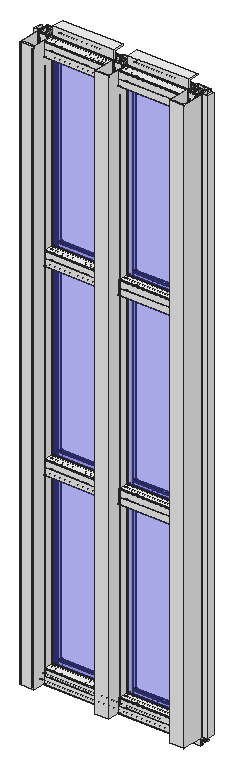
Revit family "Facade_60_Curtain_Wall_E23_Standard", category Windows, host Wall, Revit 2014 (continued)
Definition of nested family "F60_Double_Glazing_E23_Std"
  Forms (mm)
    Extrusion 1, solid, material "Glass" <- "Glazing Material"
      from 0 to 4 <- "Glazing Thickness DG"
    Extrusion 2, solid, material <- "Double Glazing Gasket Material"
      sketch origin (0, -4, 0) x (1, 0, 0) y (0, 0, 1)
        loop
          line (-600, 600) -> (-600, 0) -> (0, 0) -> (0, 600) -> (-600, 600)
        loop
          line (-592, 8) -> (-8, 8) -> (-8, 592) -> (-592, 592) -> (-592, 8)
      from 0 to 12 <- "Double Glazing Gasket Thickness"
    Extrusion 3, solid, material "Glass" <- "Glazing Material"
      sketch origin (0, -16, 0) x (1, 0, 0) y (0, 0, 1)
        loop
          line (-600, 600) -> (-600, 0) -> (0, 0) -> (0, 600) -> (-600, 600)
      from 0 to 4 <- "Glazing Thickness DG"
  Dimensions and locks
    "Glazing Width": plane 3 "Center (Left/Right)" to Extrusion 1 sketch curve
    "Glazing Height": Extrusion 1 sketch curve to level
    aligned and locked: level to plane 2
    aligned and locked: Extrusion 1 sketch curve to plane 3 "Center (Left/Right)"
    aligned and locked: level to Extrusion 1 sketch curve
    aligned and locked: Extrusion 2 sketch curve to Extrusion 1  (x4)
    aligned and locked: Extrusion 3 sketch curve to Extrusion 2  (x4)
  Automatic sketch dimensions
    Extrusion 2 sketch curve to Extrusion 1 = 8 mm  (x4)
Definition of nested family "F60 Vertical Profile Middle_E23_Std"
  Parameters (values of type "F60 Vertical Profile Middle")
    Quarter SG Expansion Break [instance] = if(and(Quarter Expansion Break, Single Glazing), 1 = 1, 1 = 0)  # yes
    Quarter Length [instance] = Length / 4  # 62.5 mm
    Thermal Break Material [instance] = none
    Single Glazing [instance] = yes
    Quarter Expansion Break [instance] = yes
    Quarter DG Expansion Break [instance] = if(and(Quarter Expansion Break, Double Glazing), 1 = 1, 1 = 0)  # yes
    Quarter 190mm Expansion Break [instance] = if(and(Quarter Expansion Break, [190mm Mullion]), 1 = 1, 1 = 0)  # yes
    Quarter 160mm Expansion Break [instance] = if(and(Quarter Expansion Break, [160mm Mullion]), 1 = 1, 1 = 0)  # yes
    Quarter 100mm Expansion Break [instance] = if(and(Quarter Expansion Break, [100mm Mullion]), 1 = 1, 1 = 0)  # yes
    Profile Material [instance] = none
    Length [instance] = 250 mm
    Half SG Expansion Break [instance] = if(and(Half Expansion Break, Single Glazing), 1 = 1, 1 = 0)  # yes
    Half Length [instance] = Length / 2  # 125 mm
    Half Expansion Break [instance] = yes
    Half DG Expansion Break [instance] = if(and(Half Expansion Break, Double Glazing), 1 = 1, 1 = 0)  # yes
    Half 190mm Expansion Joint [instance] = if(and(Half Expansion Break, [190mm Mullion]), 1 = 1, 1 = 0)  # yes
    Half 160mm Expansion Break [instance] = if(and(Half Expansion Break, [160mm Mullion]), 1 = 1, 1 = 0)  # yes
    Half 100mm Expansion Break [instance] = if(and(Half Expansion Break, [100mm Mullion]), 1 = 1, 1 = 0)  # yes
    Double Glazing [instance] = yes
    190mm Mullion [instance] = yes
    160mm Mullion [instance] = yes
    100mm Mullion [instance] = yes
  Reference planes
    plane 1 "Center (Front/Back)": y = 0
    plane 2: z = 0
    plane 3 "Center (Left/Right)": x = 0
  Forms (mm)
    Extrusion 1, solid, material <- "Profile Material"
      sketch origin (0, 0, 0) x (1, 0, 0) y (0, 1, 0)
        loop
          arc (25.249, -8.7) -> (25.484, -9.266) -> (26.049, -9.5) r 0.8
          line (26.049, -9.5) -> (27.1, -9.5) -> (27.1, 7) -> (32.902, 7) -> (32.902, -9.5) -> (33.951, -9.5)
          arc (33.951, -9.5) -> (34.516, -9.266) -> (34.751, -8.7) r 0.8
          line (34.751, -8.7) -> (34.751, 6.2)
          arc (34.751, 6.2) -> (34.985, 6.766) -> (35.551, 7) r 0.8
          line (35.551, 7) -> (52.1, 7) -> (52.1, 5.4) -> (50.55, 5.4) -> (50.55, 4.55)
          arc (50.55, 4.55) -> (50.726, 4.126) -> (51.15, 3.95) r 0.6
          line (51.15, 3.95) -> (52.1, 3.95) -> (52.1, 1)
          arc (52.1, 1) -> (51.6, 0.5) -> (52.1, 0) r 0.5
          line (52.1, 0) -> (54.45, 0) -> (54.45, 1.15) -> (53.3, 1.15) -> (53.3, 2.45) -> (58.8, 2.45) -> (58.8, 1.15) -> (57.65, 1.15) -> (57.65, 0) -> (59.5, 0)
          arc (59.5, 0) -> (59.854, 0.146) -> (60, 0.5) r 0.5
          line (60, 0.5) -> (60, 3.9) -> (53.55, 3.9) -> (53.55, 7.6)
          arc (53.55, 7.6) -> (53.316, 8.166) -> (52.75, 8.4) r 0.8
          line (52.75, 8.4) -> (30, 8.4) -> (7.25, 8.4)
          arc (7.25, 8.4) -> (6.684, 8.166) -> (6.45, 7.6) r 0.8
          line (6.45, 7.6) -> (6.45, 3.9) -> (0, 3.9) -> (0, 0.5)
          arc (0, 0.5) -> (0.146, 0.146) -> (0.5, 0) r 0.5
          line (0.5, 0) -> (2.35, 0) -> (2.35, 1.15) -> (1.2, 1.15) -> (1.2, 2.45) -> (6.7, 2.45) -> (6.7, 1.15) -> (5.55, 1.15) -> (5.55, 0) -> (7.9, 0)
          arc (7.9, 0) -> (8.4, 0.5) -> (7.9, 1) r 0.5
          line (7.9, 1) -> (7.9, 3.95) -> (8.85, 3.95)
          arc (8.85, 3.95) -> (9.274, 4.126) -> (9.45, 4.55) r 0.6
          line (9.45, 4.55) -> (9.45, 5.4) -> (7.9, 5.4) -> (7.9, 7) -> (24.449, 7)
          arc (24.449, 7) -> (25.015, 6.766) -> (25.249, 6.2) r 0.8
          line (25.249, 6.2) -> (25.249, -8.7)
      from 0 to 250 <- "Length"
    Extrusion 2, solid, material <- "Thermal Break Material"
      sketch origin (0, 0, 0) x (1, 0, 0) y (0, 1, 0)
        loop
          line (1.75, 9.8) -> (1.75, 5.2) -> (0, 5.2) -> (0, 3.9) -> (6.35, 3.9) -> (6.35, 7.856)
          arc (6.35, 7.856) -> (6.526, 8.281) -> (6.95, 8.456) r 0.6
          line (6.95, 8.456) -> (30, 8.456) -> (53.05, 8.456)
          arc (53.05, 8.456) -> (53.474, 8.281) -> (53.65, 7.856) r 0.6
          line (53.65, 7.856) -> (53.65, 3.9) -> (60, 3.9) -> (60, 5.2) -> (58.25, 5.2) -> (58.25, 9.8) -> (30, 9.8) -> (1.75, 9.8)
      from 0 to 250 <- "Length"
    Extrusion 3, solid, material <- "Thermal Break Material", visible <- "Single Glazing"
      sketch origin (0, 0, 0) x (1, 0, 0) y (0, 1, 0)
        loop
          line (25.749, -14.011) -> (27.672, -14.011) -> (28.481, -12.611) -> (31.518, -12.611) -> (32.327, -14.011) -> (34.249, -14.011)
          arc (34.249, -14.011) -> (34.603, -13.864) -> (34.749, -13.511) r 0.5
          line (34.749, -13.511) -> (34.749, -10.011)
          arc (34.749, -10.011) -> (34.603, -9.657) -> (34.249, -9.511) r 0.5
          line (34.249, -9.511) -> (32.352, -9.511) -> (32.352, 0.19) -> (31.349, 2.261)
          arc (31.349, 2.261) -> (29.999, 2.986) -> (28.649, 2.261) r 1.62
          line (28.649, 2.261) -> (27.647, 0.19) -> (27.647, -9.511) -> (25.749, -9.511)
          arc (25.749, -9.511) -> (25.396, -9.657) -> (25.249, -10.011) r 0.5
          line (25.249, -10.011) -> (25.249, -13.511)
          arc (25.249, -13.511) -> (25.396, -13.864) -> (25.749, -14.011) r 0.5
        loop
          line (28.504, -10.005) -> (28.504, -10.861)
          arc (28.504, -10.861) -> (28.651, -11.214) -> (29.004, -11.361) r 0.5
          line (29.004, -11.361) -> (30.994, -11.361)
          arc (30.994, -11.361) -> (31.348, -11.214) -> (31.494, -10.861) r 0.5
          line (31.494, -10.861) -> (31.494, -10.005) -> (30.708, -9.219)
          arc (30.708, -9.219) -> (30.383, -9.001) -> (29.999, -8.924) r 1.007
          arc (29.999, -8.924) -> (29.616, -8.999) -> (29.292, -9.217) r 0.986
          line (29.292, -9.217) -> (28.504, -10.005)
        loop
          arc (30.896, 1.935) -> (29.887, 2.44) -> (29.005, 1.735) r 1.047
          line (29.005, 1.735) -> (28.347, 0.374) -> (28.347, -6.993)
          arc (28.347, -6.993) -> (28.583, -7.417) -> (29.068, -7.441) r 0.5
          arc (29.068, -7.441) -> (29.999, -7.223) -> (30.93, -7.441) r 2.099
          arc (30.93, -7.441) -> (31.416, -7.417) -> (31.652, -6.993) r 0.5
          line (31.652, -6.993) -> (31.652, 0.374) -> (30.896, 1.935)
      from 0 to 250 <- "Length"
    Extrusion 4, solid, material <- "Profile Material", visible <- "Single Glazing"
      sketch origin (0, 0, 0) x (1, 0, 0) y (0, 1, 0)
        loop
          line (52.693, -14.011) -> (32.327, -14.011) -> (31.519, -12.611) -> (28.481, -12.611) -> (27.673, -14.011) -> (7.307, -14.011) -> (7.307, -15.011) -> (8.457, -15.011) -> (8.457, -16.261) -> (2.957, -16.261) -> (2.957, -15.011) -> (4.107, -15.011) -> (4.107, -14.011) -> (1.707, -14.011)
          arc (1.707, -14.011) -> (1.199, -14.293) -> (1.168, -14.873) r 0.6
          line (1.168, -14.873) -> (2.093, -16.772) -> (1.015, -17.298) -> (1.484, -18.261) -> (11.488, -18.261)
          arc (11.488, -18.261) -> (11.913, -18.085) -> (12.088, -17.661) r 0.6
          line (12.088, -17.661) -> (12.088, -16.811) -> (47.912, -16.811) -> (47.912, -17.661)
          arc (47.912, -17.661) -> (48.088, -18.085) -> (48.512, -18.261) r 0.6
          line (48.512, -18.261) -> (58.518, -18.261) -> (58.987, -17.298) -> (57.908, -16.772) -> (58.834, -14.874)
          arc (58.834, -14.874) -> (58.802, -14.293) -> (58.293, -14.011) r 0.6
          line (58.293, -14.011) -> (55.893, -14.011) -> (55.893, -15.011) -> (57.043, -15.011) -> (57.043, -16.261) -> (51.543, -16.261) -> (51.543, -15.011) -> (52.693, -15.011) -> (52.693, -14.011)
      from 0 to 250 <- "Length"
    Extrusion 5, solid, material <- "Profile Material", visible <- "Single Glazing"
      sketch origin (0, 0, 0) x (1, 0, 0) y (0, 1, 0)
        loop
          line (2.801, -18.261) -> (1.484, -18.261) -> (1.015, -17.298) -> (2.093, -16.772) -> (0.779, -14.076)
          arc (0.779, -14.076) -> (0.239, -14.21) -> (0.001, -14.713) r 0.65
          line (0.001, -14.713) -> (0.001, -28.068)
          arc (0.001, -28.068) -> (1.172, -30.897) -> (4.001, -32.068) r 4
          line (4.001, -32.068) -> (30.001, -32.068) -> (56.001, -32.068)
          arc (56.001, -32.068) -> (58.829, -30.897) -> (60.001, -28.068) r 4
          line (60.001, -28.068) -> (60.001, -14.713)
          arc (60.001, -14.713) -> (59.763, -14.21) -> (59.223, -14.076) r 0.65
          line (59.223, -14.076) -> (57.908, -16.772) -> (58.987, -17.298) -> (58.518, -18.261) -> (57.201, -18.261)
          arc (57.201, -18.261) -> (56.83, -18.425) -> (56.703, -18.811) r 0.5
          arc (56.703, -18.811) -> (56.83, -19.196) -> (57.201, -19.361) r 0.5
          line (57.201, -19.361) -> (58.951, -19.361) -> (58.951, -27.968)
          arc (58.951, -27.968) -> (58.131, -29.948) -> (56.151, -30.768) r 2.8
          line (56.151, -30.768) -> (30.001, -30.768) -> (3.851, -30.768)
          arc (3.851, -30.768) -> (1.871, -29.948) -> (1.051, -27.968) r 2.8
          line (1.051, -27.968) -> (1.051, -19.361) -> (2.801, -19.361)
          arc (2.801, -19.361) -> (3.172, -19.196) -> (3.298, -18.811) r 0.5
          arc (3.298, -18.811) -> (3.172, -18.425) -> (2.801, -18.261) r 0.5
      from 0 to 250 <- "Length"
    Extrusion 6, solid, material <- "Profile Material", visible <- "100mm Mullion"
      sketch origin (0, 0, 0) x (1, 0, 0) y (0, 1, 0)
        loop
          line (14.02, 13) -> (45.98, 13)
          arc (45.98, 13) -> (46.539, 12.842) -> (46.917, 12.4) r 1
          arc (46.917, 12.4) -> (47.285, 11.963) -> (47.833, 11.8) r 1
          line (47.833, 11.8) -> (58.15, 11.8) -> (58.15, 96.3) -> (47.833, 96.3)
          arc (47.833, 96.3) -> (47.285, 96.137) -> (46.917, 95.7) r 1
          arc (46.917, 95.7) -> (46.548, 95.263) -> (46, 95.1) r 1
          line (46, 95.1) -> (14, 95.1)
          arc (14, 95.1) -> (13.452, 95.263) -> (13.083, 95.7) r 1
          arc (13.083, 95.7) -> (12.715, 96.137) -> (12.167, 96.3) r 1
          line (12.167, 96.3) -> (1.85, 96.3) -> (1.85, 11.8) -> (12.167, 11.8)
          arc (12.167, 11.8) -> (12.715, 11.963) -> (13.083, 12.4) r 1
          arc (13.083, 12.4) -> (13.461, 12.842) -> (14.02, 13) r 1
        loop
          line (1.65, 9.856) -> (58.35, 9.856) -> (58.35, 5.2) -> (60, 5.2) -> (60, 98.8)
          arc (60, 98.8) -> (59.707, 99.507) -> (59, 99.8) r 1
          line (59, 99.8) -> (1, 99.8)
          arc (1, 99.8) -> (0.293, 99.507) -> (0, 98.8) r 1
          line (0, 98.8) -> (0, 5.2) -> (1.65, 5.2) -> (1.65, 9.856)
      from 0 to 250 <- "Length"
    Extrusion 7, solid, material <- "Profile Material", visible <- "160mm Mullion"
      sketch origin (0, 0, 0) x (1, 0, 0) y (0, 1, 0)
        loop
          arc (2.35, 15.6) -> (2.526, 15.176) -> (2.95, 15) r 0.6
          line (2.95, 15) -> (57.05, 15)
          arc (57.05, 15) -> (57.474, 15.176) -> (57.65, 15.6) r 0.6
          line (57.65, 15.6) -> (57.65, 153.7)
          arc (57.65, 153.7) -> (57.474, 154.124) -> (57.05, 154.3) r 0.6
          line (57.05, 154.3) -> (47.833, 154.3)
          arc (47.833, 154.3) -> (47.285, 154.137) -> (46.917, 153.7) r 1
          arc (46.917, 153.7) -> (46.548, 153.263) -> (46, 153.1) r 1
          line (46, 153.1) -> (14, 153.1)
          arc (14, 153.1) -> (13.452, 153.263) -> (13.083, 153.7) r 1
          arc (13.083, 153.7) -> (12.715, 154.137) -> (12.167, 154.3) r 1
          line (12.167, 154.3) -> (2.95, 154.3)
          arc (2.95, 154.3) -> (2.526, 154.124) -> (2.35, 153.7) r 0.6
          line (2.35, 153.7) -> (2.35, 15.6)
        loop
          arc (1, 159.8) -> (0.293, 159.507) -> (0, 158.8) r 1
          line (0, 158.8) -> (0, 5.2) -> (1.65, 5.2) -> (1.65, 10.013) -> (58.35, 10.013) -> (58.35, 5.2) -> (60, 5.2) -> (60, 158.8)
          arc (60, 158.8) -> (59.707, 159.507) -> (59, 159.8) r 1
          line (59, 159.8) -> (1, 159.8)
      from 0 to 250 <- "Length"
    Extrusion 8, solid, material <- "Profile Material", visible <- "190mm Mullion"
      sketch origin (0, 0, 0) x (1, 0, 0) y (0, 1, 0)
        loop
          line (57.25, 15.1) -> (57.25, 178.3)
          arc (57.25, 178.3) -> (56.957, 179.007) -> (56.25, 179.3) r 1
          line (56.25, 179.3) -> (3.75, 179.3)
          arc (3.75, 179.3) -> (3.043, 179.007) -> (2.75, 178.3) r 1
          line (2.75, 178.3) -> (2.75, 15.1)
          arc (2.75, 15.1) -> (2.984, 14.534) -> (3.55, 14.3) r 0.8
          line (3.55, 14.3) -> (56.45, 14.3)
          arc (56.45, 14.3) -> (57.016, 14.534) -> (57.25, 15.1) r 0.8
        loop
          line (60, 5.2) -> (60, 188.8)
          arc (60, 188.8) -> (59.707, 189.507) -> (59, 189.8) r 1
          line (59, 189.8) -> (1, 189.8)
          arc (1, 189.8) -> (0.293, 189.507) -> (0, 188.8) r 1
          line (0, 188.8) -> (0, 5.2) -> (1.65, 5.2) -> (1.65, 9.856) -> (58.35, 9.856) -> (58.35, 5.2) -> (60, 5.2)
      from 0 to 250 <- "Length"
    Extrusion 9, solid, material <- "Thermal Break Material", visible <- "Double Glazing"
      sketch origin (0, 0, 0) x (1, 0, 0) y (0, 1, 0)
        loop
          line (27.672, -28) -> (28.48, -26.6) -> (31.518, -26.6) -> (32.326, -28) -> (34.249, -28)
          arc (34.249, -28) -> (34.603, -27.854) -> (34.749, -27.5) r 0.5
          line (34.749, -27.5) -> (34.749, -10)
          arc (34.749, -10) -> (34.603, -9.646) -> (34.249, -9.5) r 0.5
          line (34.249, -9.5) -> (32.352, -9.5) -> (32.352, 0.198) -> (31.348, 2.272)
          arc (31.348, 2.272) -> (29.998, 2.997) -> (28.648, 2.272) r 1.62
          line (28.648, 2.272) -> (27.645, 0.201) -> (27.645, -9.5) -> (25.749, -9.5)
          arc (25.749, -9.5) -> (25.396, -9.646) -> (25.249, -10) r 0.5
          line (25.249, -10) -> (25.249, -27.5)
          arc (25.249, -27.5) -> (25.396, -27.854) -> (25.749, -28) r 0.5
          line (25.749, -28) -> (27.672, -28)
        loop
          arc (30.706, -9.206) -> (30.382, -8.99) -> (29.999, -8.913) r 1.007
          arc (29.999, -8.913) -> (29.616, -8.988) -> (29.292, -9.206) r 0.986
          line (29.292, -9.206) -> (27.142, -11.356)
          arc (27.142, -11.356) -> (26.926, -11.68) -> (26.849, -12.063) r 1
          line (26.849, -12.063) -> (26.849, -24)
          arc (26.849, -24) -> (27.142, -24.707) -> (27.849, -25) r 1
          line (27.849, -25) -> (32.149, -25)
          arc (32.149, -25) -> (32.856, -24.707) -> (33.149, -24) r 1
          line (33.149, -24) -> (33.149, -12.063)
          arc (33.149, -12.063) -> (33.073, -11.68) -> (32.856, -11.356) r 1
          line (32.856, -11.356) -> (30.706, -9.206)
        loop
          arc (28.345, -6.982) -> (28.581, -7.407) -> (29.067, -7.43) r 0.5
          arc (29.067, -7.43) -> (29.998, -7.213) -> (30.929, -7.43) r 2.099
          arc (30.929, -7.43) -> (31.414, -7.407) -> (31.651, -6.982) r 0.5
          line (31.651, -6.982) -> (31.651, 0.385) -> (30.895, 1.946)
          arc (30.895, 1.946) -> (29.885, 2.45) -> (29.004, 1.745) r 1.047
          line (29.004, 1.745) -> (28.345, 0.385) -> (28.345, -6.982)
      from 0 to 250 <- "Length"
    Extrusion 10, solid, material <- "Profile Material", visible <- "Double Glazing"
      sketch origin (0, 0, 0) x (1, 0, 0) y (0, 1, 0)
        loop
          line (52.692, -28) -> (32.327, -28) -> (31.518, -26.6) -> (28.48, -26.6) -> (27.672, -28) -> (7.306, -28) -> (7.306, -29) -> (8.456, -29) -> (8.456, -30.25) -> (2.956, -30.25) -> (2.956, -29) -> (4.106, -29) -> (4.106, -28) -> (1.706, -28)
          arc (1.706, -28) -> (1.198, -28.282) -> (1.167, -28.863) r 0.6
          line (1.167, -28.863) -> (2.093, -30.762) -> (1.014, -31.288) -> (1.483, -32.25) -> (11.488, -32.25)
          arc (11.488, -32.25) -> (11.912, -32.074) -> (12.088, -31.65) r 0.6
          line (12.088, -31.65) -> (12.088, -30.8) -> (47.911, -30.8) -> (47.911, -31.65)
          arc (47.911, -31.65) -> (48.087, -32.074) -> (48.511, -32.25) r 0.6
          line (48.511, -32.25) -> (58.517, -32.25) -> (58.986, -31.288) -> (57.907, -30.762) -> (58.833, -28.864)
          arc (58.833, -28.864) -> (58.801, -28.282) -> (58.292, -28) r 0.6
          line (58.292, -28) -> (55.892, -28) -> (55.892, -29) -> (57.042, -29) -> (57.042, -30.25) -> (51.542, -30.25) -> (51.542, -29) -> (52.692, -29) -> (52.692, -28)
      from 0 to 250 <- "Length"
    Extrusion 11, solid, material <- "Profile Material", visible <- "Double Glazing"
      sketch origin (0, 0, 0) x (1, 0, 0) y (0, 1, 0)
        loop
          line (2.8, -32.25) -> (1.483, -32.25) -> (1.014, -31.288) -> (2.093, -30.762) -> (0.778, -28.065)
          arc (0.778, -28.065) -> (0.238, -28.2) -> (0, -28.702) r 0.65
          line (0, -28.702) -> (0, -42.058)
          arc (0, -42.058) -> (1.172, -44.886) -> (4, -46.058) r 4
          line (4, -46.058) -> (30, -46.058) -> (56, -46.058)
          arc (56, -46.058) -> (58.828, -44.886) -> (60, -42.058) r 4
          line (60, -42.058) -> (60, -28.702)
          arc (60, -28.702) -> (59.762, -28.2) -> (59.222, -28.065) r 0.65
          line (59.222, -28.065) -> (57.907, -30.762) -> (58.986, -31.288) -> (58.517, -32.25) -> (57.2, -32.25)
          arc (57.2, -32.25) -> (56.829, -32.415) -> (56.703, -32.8) r 0.5
          arc (56.703, -32.8) -> (56.829, -33.185) -> (57.2, -33.35) r 0.5
          line (57.2, -33.35) -> (58.95, -33.35) -> (58.95, -41.958)
          arc (58.95, -41.958) -> (58.13, -43.938) -> (56.15, -44.758) r 2.8
          line (56.15, -44.758) -> (30, -44.758) -> (3.85, -44.758)
          arc (3.85, -44.758) -> (1.87, -43.938) -> (1.05, -41.958) r 2.8
          line (1.05, -41.958) -> (1.05, -33.35) -> (2.8, -33.35)
          arc (2.8, -33.35) -> (3.171, -33.185) -> (3.297, -32.8) r 0.5
          arc (3.297, -32.8) -> (3.171, -32.415) -> (2.8, -32.25) r 0.5
      from 0 to 250 <- "Length"
    Extrusion 12, solid, material <- "Profile Material", visible <- "Double Glazing"
      sketch origin (0, 0, 0) x (1, 0, 0) y (0, 1, 0)
        loop
          line (12, -7.775) -> (0, -7.775) -> (0, -25.775) -> (12, -25.775) -> (12, -7.775)
        loop
          line (10.8, -8.975) -> (1.2, -8.975) -> (1.2, -24.575) -> (10.8, -24.575) -> (10.8, -8.975)
      from 0 to 250 <- "Length"
  Lines and regions (mm)
    model lines, style "GenericModelHiddenLines", visible <- "Half 100mm Expansion Break"
      curve 1: line (60, 5.2, 125) -> (60, 95.2, 125)
      curve 2: line (60, 99.8, 125) -> (0, 99.8, 125)
      curve 8: line (0, 5.2, 125) -> (0, 95.2, 125)
    model lines, style "GenericModelHiddenLines", visible <- "Quarter 100mm Expansion Break"
      curve 3: line (60, 5.2, 187.5) -> (60, 95.2, 187.5)
      curve 4: line (60, 5.2, 62.5) -> (60, 95.2, 62.5)
      curve 5: line (60, 99.8, 62.5) -> (0, 99.8, 62.5)
      curve 6: line (60, 99.8, 187.5) -> (0, 99.8, 187.5)
      curve 7: line (0, 5.2, 187.5) -> (0, 95.2, 187.5)
      curve 9: line (0, 5.2, 62.5) -> (0, 95.2, 62.5)
    model lines, style "GenericModelHiddenLines", visible <- "Half SG Expansion Break"
      curve 10: line (4.107, -32.068, 125) -> (55.893, -32.068, 125)
      curve 14: line (60.001, -14.011, 125) -> (60.001, -32.068, 125)
    model lines, style "GenericModelHiddenLines", visible <- "Quarter SG Expansion Break"
      curve 11: line (4.107, -32.068, 187.5) -> (56.703, -32.068, 187.5)
      curve 12: line (4.107, -32.068, 62.5) -> (56.703, -32.068, 62.5)
      curve 13: line (60.001, -14.011, 187.5) -> (60.001, -32.068, 187.5)
      curve 15: line (60.001, -14.011, 62.5) -> (60.001, -32.068, 62.5)
    model lines, style "GenericModelHiddenLines", visible <- "Quarter 160mm Expansion Break"
      curve 16: line (0, 5.2, 187.5) -> (0, 155.2, 187.5)
      curve 18: line (0, 5.2, 62.5) -> (0, 155.2, 62.5)
      curve 19: line (0, 159.8, 187.5) -> (60, 159.8, 187.5)
      curve 21: line (0, 159.8, 62.5) -> (60, 159.8, 62.5)
      curve 22: line (60, 5.2, 187.5) -> (60, 155.2, 187.5)
      curve 24: line (60, 5.2, 62.5) -> (60, 155.2, 62.5)
    model lines, style "GenericModelHiddenLines", visible <- "Half 160mm Expansion Break"
      curve 17: line (0, 5.2, 125) -> (0, 155.2, 125)
      curve 20: line (0, 159.8, 125) -> (60, 159.8, 125)
      curve 23: line (60, 5.2, 125) -> (60, 155.2, 125)
    model lines, style "GenericModelHiddenLines", visible <- "Quarter 190mm Expansion Break"
      curve 25: line (0, 5.2, 187.5) -> (0, 185.2, 187.5)
      curve 27: line (0, 5.2, 62.5) -> (0, 185.2, 62.5)
      curve 28: line (0.779, 189.8, 187.5) -> (59.222, 189.8, 187.5)
      curve 30: line (0.779, 189.8, 62.5) -> (59.222, 189.8, 62.5)
      curve 31: line (60, 5.2, 187.5) -> (60, 185.2, 187.5)
      curve 33: line (60, 5.2, 62.5) -> (60, 185.2, 62.5)
    model lines, style "GenericModelHiddenLines", visible <- "Half 190mm Expansion Joint"
      curve 26: line (0, 5.2, 125) -> (0, 185.2, 125)
      curve 29: line (0.779, 189.8, 125) -> (59.222, 189.8, 125)
      curve 32: line (60, 5.2, 125) -> (60, 185.2, 125)
    model lines, style "GenericModelHiddenLines", visible <- "Quarter DG Expansion Break"
      curve 34: line (60, -28.065, 187.5) -> (60, -46.074, 187.5)
      curve 36: line (60, -28.065, 62.5) -> (60, -46.027, 62.5)
      curve 37: line (59.222, -46.058, 187.5) -> (0.779, -46.058, 187.5)
      curve 39: line (59.222, -46.058, 62.5) -> (0.779, -46.058, 62.5)
    model lines, style "GenericModelHiddenLines", visible <- "Half DG Expansion Break"
      curve 35: line (60, -28.065, 125) -> (60, -46.074, 125)
      curve 38: line (59.222, -46.058, 125) -> (0.779, -46.058, 125)
  Dimensions and locks
    "Half Length": curve 1 to level
    "Half Length": level to curve 2
    "Quarter Length": curve 4 to level
    "Quarter Length": Extrusion 8 to curve 3
    "Quarter Length": level to curve 5
    "Quarter Length": curve 6 to Extrusion 6
    "Quarter Length": curve 9 to level
    "Half Length": curve 8 to level
    "Quarter Length": Extrusion 8 to curve 7
    "Quarter Length": curve 12 to level
    "Half Length": curve 10 to level
    "Quarter Length": Extrusion 5 to curve 11
    "Quarter Length": curve 15 to level
    "Half Length": curve 14 to level
    "Quarter Length": Extrusion 5 to curve 13
    "Quarter Length": Extrusion 7 to curve 18
    "Half Length": Extrusion 7 to curve 17
    "Quarter Length": Extrusion 7 to curve 16
    "Quarter Length": Extrusion 7 to curve 21
    "Quarter Length": curve 19 to Extrusion 7
    "Half Length": Extrusion 7 to curve 20
    "Quarter Length": Extrusion 7 to curve 24
    "Quarter Length": Extrusion 7 to curve 22
    "Half Length": Extrusion 7 to curve 23
    "Quarter Length": Extrusion 8 to curve 27
    "Quarter Length": Extrusion 8 to curve 25
    "Half Length": Extrusion 8 to curve 26
    "Quarter Length": Extrusion 8 to curve 30
    "Quarter Length": curve 28 to Extrusion 8
    "Half Length": Extrusion 8 to curve 29
    "Quarter Length": Extrusion 8 to curve 33
    "Quarter Length": Extrusion 8 to curve 31
    "Half Length": Extrusion 8 to curve 32
    "Quarter Length": Extrusion 11 to curve 36
    "Quarter Length": Extrusion 11 to curve 34
    "Half Length": Extrusion 11 to curve 35
    "Quarter Length": Extrusion 11 to curve 37
    "Quarter Length": curve 39 to Extrusion 11
    "Half Length": curve 38 to Extrusion 11
    aligned and locked: level to plane 2
  Automatic sketch dimensions
    Extrusion 1 sketch curve to plane 3 "Center (Left/Right)" = 0 mm
    plane 1 "Center (Front/Back)" to Extrusion 1 sketch curve = 0 mm  (x4)
    plane 3 "Center (Left/Right)" to Extrusion 1 sketch curve = 0.5 mm
    Extrusion 1 sketch curve to Extrusion 1 sketch curve = 0.7 mm  (x2)
    Extrusion 1 sketch curve to Extrusion 1 sketch curve = 1.15 mm  (x4)
    Extrusion 1 sketch curve to Extrusion 1 sketch curve = 3.2 mm  (x2)
    Extrusion 1 sketch curve to Extrusion 1 sketch curve = 0.9 mm
    Extrusion 1 sketch curve to Extrusion 1 sketch curve = 0.25 mm
    Extrusion 1 sketch curve to Extrusion 1 sketch curve = 0.8 mm  (x7)
    Extrusion 1 sketch curve to Extrusion 1 sketch curve = 1.45 mm  (x2)
    Extrusion 1 sketch curve to Extrusion 1 sketch curve = 0.65 mm  (x3)
    Extrusion 1 sketch curve to Extrusion 1 sketch curve = 0.95 mm  (x3)
    Extrusion 1 sketch curve to Extrusion 1 sketch curve = 0.6 mm  (x3)
    Extrusion 1 sketch curve to plane 1 "Center (Front/Back)" = 7 mm
    Extrusion 1 sketch curve to Extrusion 1 sketch curve = 14.999 mm  (x2)
    plane 1 "Center (Front/Back)" to Extrusion 1 sketch curve = 8.7 mm
    Extrusion 1 sketch curve to Extrusion 1 sketch curve = 1.85 mm
    Extrusion 1 sketch curve to Extrusion 1 sketch curve = 2.9 mm
    Extrusion 1 sketch curve to Extrusion 1 sketch curve = 5.802 mm
    Extrusion 1 sketch curve to Extrusion 1 sketch curve = 1.049 mm
    Extrusion 1 sketch curve to plane 1 "Center (Front/Back)" = 4.55 mm
    Extrusion 1 sketch curve to plane 1 "Center (Front/Back)" = 0.5 mm  (x3)
    Extrusion 1 sketch curve to Extrusion 1 sketch curve = 1.2 mm
    Extrusion 1 sketch curve to plane 1 "Center (Front/Back)" = 1.15 mm  (x2)
    Extrusion 1 sketch curve to Extrusion 1 sketch curve = 0 mm
    Extrusion 1 sketch curve to Extrusion 1 sketch curve = 1.3 mm  (x2)
    Extrusion 1 sketch curve to Extrusion 1 sketch curve = 0.05 mm  (x2)
    Extrusion 1 sketch curve to Extrusion 1 sketch curve = 0.85 mm  (x2)
    Extrusion 1 sketch curve to plane 1 "Center (Front/Back)" = 6.2 mm
    Extrusion 2 sketch curve to plane 3 "Center (Left/Right)" = 0 mm
    plane 3 "Center (Left/Right)" to Extrusion 2 sketch curve = 1.75 mm
    Extrusion 2 sketch curve to Extrusion 2 sketch curve = 4.6 mm  (x4)
    Extrusion 2 sketch curve to Extrusion 2 sketch curve = 0.6 mm  (x2)
    Extrusion 2 sketch curve to plane 1 "Center (Front/Back)" = 9.8 mm
    Extrusion 2 sketch curve to Extrusion 2 sketch curve = 23.05 mm  (x2)
    Extrusion 2 sketch curve to Extrusion 2 sketch curve = 0 mm
    Extrusion 2 sketch curve to plane 1 "Center (Front/Back)" = 8.456 mm
    Extrusion 2 sketch curve to Extrusion 2 sketch curve = 1.75 mm
    Extrusion 2 sketch curve to plane 1 "Center (Front/Back)" = 3.9 mm  (x2)
    plane 3 "Center (Left/Right)" to Extrusion 3 sketch curve = 25.249 mm
    Extrusion 3 sketch curve to Extrusion 3 sketch curve = 0.5 mm  (x6)
    Extrusion 3 sketch curve to plane 1 "Center (Front/Back)" = 0.19 mm  (x2)
    Extrusion 3 sketch curve to Extrusion 3 sketch curve = 1.897 mm  (x2)
    Extrusion 3 sketch curve to Extrusion 3 sketch curve = 1.922 mm  (x2)
    Extrusion 3 sketch curve to plane 1 "Center (Front/Back)" = 0.374 mm  (x2)
    Extrusion 3 sketch curve to Extrusion 3 sketch curve = 0.7 mm  (x2)
    plane 1 "Center (Front/Back)" to Extrusion 3 sketch curve = 12.611 mm
    Extrusion 3 sketch curve to Extrusion 3 sketch curve = 0.809 mm
    Extrusion 3 sketch curve to Extrusion 3 sketch curve = 0.858 mm
    Extrusion 3 sketch curve to plane 1 "Center (Front/Back)" = 2.261 mm  (x2)
    Extrusion 3 sketch curve to Extrusion 3 sketch curve = 0.303 mm
    Extrusion 3 sketch curve to plane 1 "Center (Front/Back)" = 1.735 mm
    Extrusion 3 sketch curve to Extrusion 3 sketch curve = 0.356 mm
    plane 1 "Center (Front/Back)" to Extrusion 3 sketch curve = 9.217 mm
    Extrusion 3 sketch curve to Extrusion 3 sketch curve = 0.788 mm
    Extrusion 3 sketch curve to Extrusion 3 sketch curve = 0.701 mm
    Extrusion 3 sketch curve to Extrusion 3 sketch curve = 0.003 mm
    Extrusion 3 sketch curve to Extrusion 3 sketch curve = 0.992 mm
    Extrusion 3 sketch curve to Extrusion 3 sketch curve = 0.006 mm
    Extrusion 3 sketch curve to Extrusion 3 sketch curve = 0.002 mm
    plane 1 "Center (Front/Back)" to Extrusion 3 sketch curve = 9.219 mm
    Extrusion 3 sketch curve to Extrusion 3 sketch curve = 0.709 mm
    Extrusion 3 sketch curve to plane 1 "Center (Front/Back)" = 1.935 mm
    Extrusion 3 sketch curve to Extrusion 3 sketch curve = 0.899 mm
    Extrusion 3 sketch curve to Extrusion 3 sketch curve = 0.998 mm
    Extrusion 3 sketch curve to Extrusion 3 sketch curve = 0.444 mm
    Extrusion 3 sketch curve to Extrusion 3 sketch curve = 0.524 mm
    Extrusion 3 sketch curve to Extrusion 3 sketch curve = 0.756 mm
    Extrusion 3 sketch curve to Extrusion 3 sketch curve = 0.808 mm
    Extrusion 3 sketch curve to Extrusion 3 sketch curve = 0.9 mm  (x2)
    Extrusion 3 sketch curve to Extrusion 3 sketch curve = 1.25 mm
    Extrusion 3 sketch curve to Extrusion 3 sketch curve = 0.85 mm  (x2)
    Extrusion 3 sketch curve to Extrusion 3 sketch curve = 0.856 mm  (x2)
    Extrusion 3 sketch curve to Extrusion 3 sketch curve = 0.714 mm
    Extrusion 3 sketch curve to Extrusion 3 sketch curve = 0.02 mm
    Extrusion 3 sketch curve to Extrusion 3 sketch curve = 0.399 mm
    Extrusion 3 sketch curve to Extrusion 3 sketch curve = 2.224 mm
    Extrusion 3 sketch curve to Extrusion 3 sketch curve = 0.448 mm
    Extrusion 3 sketch curve to Extrusion 3 sketch curve = 0.032 mm
    Extrusion 3 sketch curve to Extrusion 3 sketch curve = 0 mm
    plane 3 "Center (Left/Right)" to Extrusion 4 sketch curve = 1.015 mm
    Extrusion 4 sketch curve to Extrusion 4 sketch curve = 0.469 mm
    plane 3 "Center (Left/Right)" to Extrusion 4 sketch curve = 1.707 mm
    Extrusion 4 sketch curve to Extrusion 4 sketch curve = 1.079 mm
    Extrusion 4 sketch curve to Extrusion 4 sketch curve = 0.864 mm
    Extrusion 4 sketch curve to Extrusion 4 sketch curve = 1.15 mm  (x4)
    Extrusion 4 sketch curve to Extrusion 4 sketch curve = 3.2 mm  (x2)
    Extrusion 4 sketch curve to Extrusion 4 sketch curve = 3.031 mm  (x2)
    Extrusion 4 sketch curve to Extrusion 4 sketch curve = 0.6 mm  (x3)
    Extrusion 4 sketch curve to Extrusion 4 sketch curve = 15.584 mm  (x2)
    plane 1 "Center (Front/Back)" to Extrusion 4 sketch curve = 12.611 mm
    Extrusion 4 sketch curve to Extrusion 4 sketch curve = 0.808 mm  (x2)
    Extrusion 4 sketch curve to Extrusion 4 sketch curve = 3.038 mm
    plane 1 "Center (Front/Back)" to Extrusion 4 sketch curve = 14.011 mm
    plane 1 "Center (Front/Back)" to Extrusion 4 sketch curve = 16.772 mm
    Extrusion 4 sketch curve to Extrusion 4 sketch curve = 0.865 mm
    Extrusion 4 sketch curve to Extrusion 4 sketch curve = 1.25 mm  (x4)
    plane 1 "Center (Front/Back)" to Extrusion 4 sketch curve = 18.261 mm
    Extrusion 4 sketch curve to Extrusion 4 sketch curve = 0.61 mm
    plane 1 "Center (Front/Back)" to Extrusion 4 sketch curve = 17.298 mm
    Extrusion 4 sketch curve to Extrusion 4 sketch curve = 5.65 mm
    Extrusion 4 sketch curve to Extrusion 4 sketch curve = 0.962 mm
    Extrusion 4 sketch curve to Extrusion 4 sketch curve = 0.85 mm
    Extrusion 4 sketch curve to Extrusion 4 sketch curve = 0.512 mm  (x2)
    Extrusion 4 sketch curve to Extrusion 4 sketch curve = 1 mm  (x2)
    Extrusion 4 sketch curve to Extrusion 4 sketch curve = 0.4 mm  (x2)
    Extrusion 4 sketch curve to Extrusion 4 sketch curve = 1.4 mm
    Extrusion 4 sketch curve to Extrusion 4 sketch curve = 0.539 mm  (x2)
    Extrusion 4 sketch curve to Extrusion 4 sketch curve = 0 mm
    plane 1 "Center (Front/Back)" to Extrusion 4 sketch curve = 14.874 mm
    plane 3 "Center (Left/Right)" to Extrusion 5 sketch curve = 0.001 mm
    Extrusion 5 sketch curve to Extrusion 5 sketch curve = 0.65 mm  (x2)
    Extrusion 5 sketch curve to Extrusion 5 sketch curve = 0.128 mm  (x2)
    plane 3 "Center (Left/Right)" to Extrusion 5 sketch curve = 1.015 mm
    plane 3 "Center (Left/Right)" to Extrusion 5 sketch curve = 1.051 mm
    Extrusion 5 sketch curve to Extrusion 5 sketch curve = 0.469 mm  (x2)
    Extrusion 5 sketch curve to Extrusion 5 sketch curve = 1.079 mm
    Extrusion 5 sketch curve to Extrusion 5 sketch curve = 1.317 mm  (x2)
    Extrusion 5 sketch curve to Extrusion 5 sketch curve = 0 mm  (x3)
    plane 3 "Center (Left/Right)" to Extrusion 5 sketch curve = 3.851 mm
    Extrusion 5 sketch curve to Extrusion 5 sketch curve = 0.15 mm  (x2)
    Extrusion 5 sketch curve to Extrusion 5 sketch curve = 26 mm  (x2)
    Extrusion 5 sketch curve to Extrusion 5 sketch curve = 1.05 mm
    plane 1 "Center (Front/Back)" to Extrusion 5 sketch curve = 16.772 mm
    Extrusion 5 sketch curve to Extrusion 5 sketch curve = 0.707 mm
    Extrusion 5 sketch curve to Extrusion 5 sketch curve = 0.433 mm
    plane 1 "Center (Front/Back)" to Extrusion 5 sketch curve = 17.298 mm
    plane 1 "Center (Front/Back)" to Extrusion 5 sketch curve = 14.076 mm
    Extrusion 5 sketch curve to Extrusion 5 sketch curve = 0.5 mm  (x2)
    plane 1 "Center (Front/Back)" to Extrusion 5 sketch curve = 18.761 mm
    Extrusion 5 sketch curve to Extrusion 5 sketch curve = 0.1 mm  (x3)
    Extrusion 5 sketch curve to Extrusion 5 sketch curve = 1.1 mm  (x2)
    Extrusion 5 sketch curve to Extrusion 5 sketch curve = 8.608 mm
    Extrusion 5 sketch curve to Extrusion 5 sketch curve = 0.962 mm
    Extrusion 6 sketch curve to plane 3 "Center (Left/Right)" = 0 mm
    plane 3 "Center (Left/Right)" to Extrusion 6 sketch curve = 1 mm
    plane 3 "Center (Left/Right)" to Extrusion 6 sketch curve = 1.65 mm
    plane 3 "Center (Left/Right)" to Extrusion 6 sketch curve = 1.85 mm
    Extrusion 6 sketch curve to Extrusion 6 sketch curve = 10.317 mm  (x3)
    Extrusion 6 sketch curve to Extrusion 6 sketch curve = 1.833 mm  (x4)
    Extrusion 6 sketch curve to Extrusion 6 sketch curve = 0.02 mm  (x2)
    Extrusion 6 sketch curve to plane 1 "Center (Front/Back)" = 13 mm
    Extrusion 6 sketch curve to Extrusion 6 sketch curve = 31.961 mm
    Extrusion 6 sketch curve to Extrusion 6 sketch curve = 32 mm
    Extrusion 6 sketch curve to Extrusion 6 sketch curve = 0.2 mm  (x5)
    Extrusion 6 sketch curve to Extrusion 6 sketch curve = 0.85 mm
    Extrusion 6 sketch curve to Extrusion 6 sketch curve = 1.65 mm
    Extrusion 6 sketch curve to Extrusion 6 sketch curve = 1 mm  (x8)
    Extrusion 6 sketch curve to Extrusion 6 sketch curve = 1.944 mm
    Extrusion 6 sketch curve to Extrusion 6 sketch curve = 4.656 mm  (x2)
    Extrusion 6 sketch curve to Extrusion 6 sketch curve = 82.1 mm
    Extrusion 6 sketch curve to Extrusion 6 sketch curve = 2.5 mm
    Extrusion 7 sketch curve to plane 3 "Center (Left/Right)" = 0 mm
    Extrusion 7 sketch curve to Extrusion 7 sketch curve = 1 mm  (x3)
    plane 3 "Center (Left/Right)" to Extrusion 7 sketch curve = 1.65 mm
    plane 3 "Center (Left/Right)" to Extrusion 7 sketch curve = 2.35 mm
    Extrusion 7 sketch curve to Extrusion 7 sketch curve = 0.6 mm  (x3)
    Extrusion 7 sketch curve to Extrusion 7 sketch curve = 9.217 mm  (x2)
    Extrusion 7 sketch curve to Extrusion 7 sketch curve = 1.833 mm  (x2)
    Extrusion 7 sketch curve to Extrusion 7 sketch curve = 32 mm
    Extrusion 7 sketch curve to plane 1 "Center (Front/Back)" = 15 mm
    Extrusion 7 sketch curve to Extrusion 7 sketch curve = 54.1 mm
    Extrusion 7 sketch curve to Extrusion 7 sketch curve = 1.3 mm
    Extrusion 7 sketch curve to Extrusion 7 sketch curve = 1.95 mm
    Extrusion 7 sketch curve to Extrusion 7 sketch curve = 1.65 mm
    Extrusion 7 sketch curve to Extrusion 7 sketch curve = 4.987 mm
    Extrusion 7 sketch curve to Extrusion 7 sketch curve = 4.813 mm
    Extrusion 7 sketch curve to Extrusion 7 sketch curve = 4.812 mm
    Extrusion 7 sketch curve to Extrusion 7 sketch curve = 137.5 mm
    Extrusion 7 sketch curve to Extrusion 7 sketch curve = 0.2 mm  (x2)
    Extrusion 7 sketch curve to Extrusion 7 sketch curve = 0.4 mm  (x2)
    Extrusion 7 sketch curve to Extrusion 7 sketch curve = 4.5 mm
    Extrusion 8 sketch curve to plane 3 "Center (Left/Right)" = 0 mm
    Extrusion 8 sketch curve to Extrusion 8 sketch curve = 1 mm  (x3)
    plane 3 "Center (Left/Right)" to Extrusion 8 sketch curve = 1.65 mm
    plane 3 "Center (Left/Right)" to Extrusion 8 sketch curve = 2.75 mm
    Extrusion 8 sketch curve to Extrusion 8 sketch curve = 0.8 mm  (x2)
    Extrusion 8 sketch curve to Extrusion 8 sketch curve = 52.5 mm
    Extrusion 8 sketch curve to plane 1 "Center (Front/Back)" = 15.1 mm
    Extrusion 8 sketch curve to Extrusion 8 sketch curve = 52.9 mm
    Extrusion 8 sketch curve to Extrusion 8 sketch curve = 1.9 mm
    Extrusion 8 sketch curve to Extrusion 8 sketch curve = 2.75 mm
    Extrusion 8 sketch curve to Extrusion 8 sketch curve = 4.444 mm
    Extrusion 8 sketch curve to Extrusion 8 sketch curve = 4.656 mm  (x2)
    Extrusion 8 sketch curve to Extrusion 8 sketch curve = 163.2 mm
    Extrusion 8 sketch curve to Extrusion 8 sketch curve = 9.5 mm
    plane 3 "Center (Left/Right)" to Extrusion 9 sketch curve = 25.249 mm
    Extrusion 9 sketch curve to Extrusion 9 sketch curve = 0.5 mm  (x4)
    Extrusion 9 sketch curve to Extrusion 9 sketch curve = 1.1 mm
    plane 1 "Center (Front/Back)" to Extrusion 9 sketch curve = 11.356 mm  (x2)
    Extrusion 9 sketch curve to Extrusion 9 sketch curve = 0.293 mm  (x2)
    Extrusion 9 sketch curve to Extrusion 9 sketch curve = 1.896 mm
    Extrusion 9 sketch curve to Extrusion 9 sketch curve = 1.922 mm
    Extrusion 9 sketch curve to Extrusion 9 sketch curve = 1 mm  (x2)
    Extrusion 9 sketch curve to Extrusion 9 sketch curve = 0.7 mm
    Extrusion 9 sketch curve to Extrusion 9 sketch curve = 0.808 mm
    Extrusion 9 sketch curve to plane 1 "Center (Front/Back)" = 2.272 mm  (x2)
    Extrusion 9 sketch curve to Extrusion 9 sketch curve = 0.303 mm
    Extrusion 9 sketch curve to plane 1 "Center (Front/Back)" = 1.745 mm
    Extrusion 9 sketch curve to Extrusion 9 sketch curve = 0.356 mm
    plane 1 "Center (Front/Back)" to Extrusion 9 sketch curve = 9.206 mm  (x2)
    Extrusion 9 sketch curve to Extrusion 9 sketch curve = 1.647 mm
    Extrusion 9 sketch curve to Extrusion 9 sketch curve = 0.701 mm
    Extrusion 9 sketch curve to Extrusion 9 sketch curve = 0.992 mm
    Extrusion 9 sketch curve to Extrusion 9 sketch curve = 0.003 mm
    Extrusion 9 sketch curve to Extrusion 9 sketch curve = 0.002 mm
    Extrusion 9 sketch curve to Extrusion 9 sketch curve = 0.004 mm
    Extrusion 9 sketch curve to Extrusion 9 sketch curve = 0.708 mm
    Extrusion 9 sketch curve to plane 1 "Center (Front/Back)" = 1.946 mm
    Extrusion 9 sketch curve to Extrusion 9 sketch curve = 0.899 mm
    Extrusion 9 sketch curve to Extrusion 9 sketch curve = 0.444 mm
    Extrusion 9 sketch curve to Extrusion 9 sketch curve = 3.038 mm
    Extrusion 9 sketch curve to plane 1 "Center (Front/Back)" = 0.385 mm  (x2)
    Extrusion 9 sketch curve to Extrusion 9 sketch curve = 0.756 mm
    Extrusion 9 sketch curve to Extrusion 9 sketch curve = 2.153 mm
    Extrusion 9 sketch curve to Extrusion 9 sketch curve = 0.631 mm
    Extrusion 9 sketch curve to Extrusion 9 sketch curve = 0.807 mm
    Extrusion 9 sketch curve to Extrusion 9 sketch curve = 1.646 mm
    Extrusion 9 sketch curve to Extrusion 9 sketch curve = 0.707 mm
    Extrusion 9 sketch curve to Extrusion 9 sketch curve = 1.393 mm
    Extrusion 9 sketch curve to Extrusion 9 sketch curve = 1.923 mm
    Extrusion 9 sketch curve to Extrusion 9 sketch curve = 11.937 mm
    Extrusion 9 sketch curve to Extrusion 9 sketch curve = 1.6 mm
    Extrusion 9 sketch curve to Extrusion 9 sketch curve = 0.9 mm  (x2)
    Extrusion 9 sketch curve to Extrusion 9 sketch curve = 1.356 mm  (x2)
    Extrusion 9 sketch curve to Extrusion 9 sketch curve = 0.714 mm
    Extrusion 9 sketch curve to Extrusion 9 sketch curve = 0.02 mm
    Extrusion 9 sketch curve to Extrusion 9 sketch curve = 0.399 mm
    Extrusion 9 sketch curve to Extrusion 9 sketch curve = 2.224 mm
    Extrusion 9 sketch curve to Extrusion 9 sketch curve = 0.448 mm
    Extrusion 9 sketch curve to plane 1 "Center (Front/Back)" = 0.198 mm
    Extrusion 9 sketch curve to plane 1 "Center (Front/Back)" = 0.201 mm
    Extrusion 9 sketch curve to Extrusion 9 sketch curve = 0.032 mm
    Extrusion 9 sketch curve to Extrusion 9 sketch curve = 0 mm
    plane 3 "Center (Left/Right)" to Extrusion 10 sketch curve = 1.014 mm
    Extrusion 10 sketch curve to Extrusion 10 sketch curve = 0.469 mm  (x2)
    plane 3 "Center (Left/Right)" to Extrusion 10 sketch curve = 1.706 mm
    Extrusion 10 sketch curve to Extrusion 10 sketch curve = 1.079 mm
    Extrusion 10 sketch curve to Extrusion 10 sketch curve = 0.864 mm
    Extrusion 10 sketch curve to Extrusion 10 sketch curve = 1.15 mm  (x4)
    Extrusion 10 sketch curve to Extrusion 10 sketch curve = 3.2 mm  (x2)
    Extrusion 10 sketch curve to Extrusion 10 sketch curve = 3.031 mm  (x2)
    Extrusion 10 sketch curve to Extrusion 10 sketch curve = 0.6 mm  (x3)
    Extrusion 10 sketch curve to Extrusion 10 sketch curve = 15.584 mm  (x2)
    Extrusion 10 sketch curve to Extrusion 10 sketch curve = 0.808 mm  (x2)
    Extrusion 10 sketch curve to Extrusion 10 sketch curve = 3.038 mm
    Extrusion 10 sketch curve to Extrusion 10 sketch curve = 0.865 mm
    Extrusion 10 sketch curve to Extrusion 10 sketch curve = 1.25 mm  (x5)
    Extrusion 10 sketch curve to Extrusion 10 sketch curve = 0.61 mm
    plane 1 "Center (Front/Back)" to Extrusion 10 sketch curve = 31.288 mm
    Extrusion 10 sketch curve to Extrusion 10 sketch curve = 0.362 mm
    plane 1 "Center (Front/Back)" to Extrusion 10 sketch curve = 31.65 mm
    Extrusion 10 sketch curve to Extrusion 10 sketch curve = 0.962 mm
    Extrusion 10 sketch curve to Extrusion 10 sketch curve = 0.85 mm
    Extrusion 10 sketch curve to Extrusion 10 sketch curve = 0.512 mm  (x2)
    Extrusion 10 sketch curve to Extrusion 10 sketch curve = 0.4 mm  (x2)
    Extrusion 10 sketch curve to Extrusion 10 sketch curve = 1 mm
    Extrusion 10 sketch curve to Extrusion 10 sketch curve = 2.8 mm
    Extrusion 10 sketch curve to Extrusion 10 sketch curve = 0 mm  (x2)
    Extrusion 10 sketch curve to Extrusion 10 sketch curve = 1.4 mm
    Extrusion 10 sketch curve to Extrusion 10 sketch curve = 0.539 mm  (x2)
    plane 1 "Center (Front/Back)" to Extrusion 10 sketch curve = 28.864 mm
    Extrusion 11 sketch curve to plane 3 "Center (Left/Right)" = 0 mm
    plane 3 "Center (Left/Right)" to Extrusion 11 sketch curve = 0.65 mm
    Extrusion 11 sketch curve to Extrusion 11 sketch curve = 0.128 mm  (x2)
    plane 3 "Center (Left/Right)" to Extrusion 11 sketch curve = 1.014 mm
    plane 3 "Center (Left/Right)" to Extrusion 11 sketch curve = 1.05 mm
    Extrusion 11 sketch curve to Extrusion 11 sketch curve = 0.469 mm  (x2)
    Extrusion 11 sketch curve to Extrusion 11 sketch curve = 1.079 mm
    Extrusion 11 sketch curve to Extrusion 11 sketch curve = 1.317 mm  (x2)
    Extrusion 11 sketch curve to Extrusion 11 sketch curve = 0 mm  (x3)
    plane 3 "Center (Left/Right)" to Extrusion 11 sketch curve = 3.85 mm
    Extrusion 11 sketch curve to Extrusion 11 sketch curve = 0.15 mm  (x2)
    Extrusion 11 sketch curve to Extrusion 11 sketch curve = 26 mm  (x2)
    Extrusion 11 sketch curve to Extrusion 11 sketch curve = 1.05 mm
    Extrusion 11 sketch curve to Extrusion 11 sketch curve = 0.707 mm
    Extrusion 11 sketch curve to Extrusion 11 sketch curve = 0.433 mm
    plane 1 "Center (Front/Back)" to Extrusion 11 sketch curve = 31.288 mm
    plane 1 "Center (Front/Back)" to Extrusion 11 sketch curve = 28.065 mm
    Extrusion 11 sketch curve to Extrusion 11 sketch curve = 1.314 mm
    Extrusion 11 sketch curve to Extrusion 11 sketch curve = 0.65 mm
    Extrusion 11 sketch curve to Extrusion 11 sketch curve = 0.5 mm  (x2)
    plane 1 "Center (Front/Back)" to Extrusion 11 sketch curve = 32.75 mm
    Extrusion 11 sketch curve to Extrusion 11 sketch curve = 0.1 mm  (x3)
    Extrusion 11 sketch curve to Extrusion 11 sketch curve = 1.1 mm  (x2)
    Extrusion 11 sketch curve to Extrusion 11 sketch curve = 8.608 mm
    Extrusion 11 sketch curve to Extrusion 11 sketch curve = 0.962 mm
    Extrusion 12 sketch curve to plane 3 "Center (Left/Right)" = 0 mm
    plane 3 "Center (Left/Right)" to Extrusion 12 sketch curve = 1.2 mm
    Extrusion 12 sketch curve to Extrusion 12 sketch curve = 9.6 mm
    Extrusion 12 sketch curve to Extrusion 12 sketch curve = 1.2 mm  (x3)
    plane 1 "Center (Front/Back)" to Extrusion 12 sketch curve = 25.775 mm
    plane 1 "Center (Front/Back)" to Extrusion 12 sketch curve = 8.975 mm
    curve 4 to Extrusion 6 = 0 mm
    curve 3 to Extrusion 6 = 0 mm
    curve 1 to Extrusion 6 = 0 mm
    curve 4 to Extrusion 6 = 3.6 mm
    curve 3 to Extrusion 6 = 3.6 mm
    curve 1 to Extrusion 6 = 3.6 mm
    Extrusion 6 to curve 2 = 1 mm
    Extrusion 6 to curve 5 = 1 mm
    Extrusion 6 to curve 6 = 1 mm
    curve 6 to Extrusion 6 = 1 mm
    curve 5 to Extrusion 6 = 1 mm
    curve 2 to Extrusion 6 = 1 mm
    curve 9 to Extrusion 6 = 0 mm
    curve 8 to Extrusion 6 = 0 mm
    curve 7 to Extrusion 6 = 0 mm
    Extrusion 6 to curve 8 = 3.6 mm
    Extrusion 6 to curve 9 = 3.6 mm
    Extrusion 6 to curve 7 = 3.6 mm
    curve 12 to Extrusion 5 = 25.894 mm
    curve 11 to Extrusion 5 = 25.894 mm
    curve 10 to Extrusion 5 = 25.894 mm
    curve 10 to Extrusion 5 = 0.108 mm
    Extrusion 5 to curve 12 = 0.703 mm
    Extrusion 5 to curve 11 = 0.703 mm
    curve 13 to Extrusion 5 = 4 mm
    curve 14 to Extrusion 5 = 4 mm
    curve 15 to Extrusion 5 = 4 mm
    Extrusion 5 to curve 15 = 0.702 mm
    Extrusion 5 to curve 14 = 0.702 mm
    Extrusion 5 to curve 13 = 0.702 mm
    curve 18 to Extrusion 7 = 0 mm
    curve 17 to Extrusion 7 = 0 mm
    curve 16 to Extrusion 7 = 0 mm
    Extrusion 7 to curve 17 = 3.6 mm
    Extrusion 7 to curve 18 = 3.6 mm
    Extrusion 7 to curve 16 = 3.6 mm
    Extrusion 7 to curve 21 = 1 mm  (x2)
    Extrusion 7 to curve 20 = 1 mm  (x2)
    Extrusion 7 to curve 19 = 1 mm  (x2)
    curve 24 to Extrusion 7 = 0 mm
    curve 23 to Extrusion 7 = 0 mm
    curve 22 to Extrusion 7 = 0 mm
    curve 24 to Extrusion 7 = 3.6 mm
    curve 23 to Extrusion 7 = 3.6 mm
    curve 22 to Extrusion 7 = 3.6 mm
    curve 27 to Extrusion 8 = 0 mm
    curve 26 to Extrusion 8 = 0 mm
    curve 25 to Extrusion 8 = 0 mm
    Extrusion 8 to curve 26 = 3.6 mm
    Extrusion 8 to curve 27 = 3.6 mm
    Extrusion 8 to curve 25 = 3.6 mm
    Extrusion 8 to curve 30 = 0.221 mm
    Extrusion 8 to curve 29 = 0.221 mm
    Extrusion 8 to curve 28 = 0.221 mm
    curve 29 to Extrusion 8 = 0.222 mm
    curve 30 to Extrusion 8 = 0.222 mm
    curve 28 to Extrusion 8 = 0.222 mm
    curve 33 to Extrusion 8 = 0 mm
    curve 32 to Extrusion 8 = 0 mm
    curve 31 to Extrusion 8 = 0 mm
    curve 33 to Extrusion 8 = 3.6 mm
    curve 32 to Extrusion 8 = 3.6 mm
    curve 31 to Extrusion 8 = 3.6 mm
    curve 34 to Extrusion 11 = 4.016 mm
    curve 35 to Extrusion 11 = 4.016 mm
    curve 36 to Extrusion 11 = 3.97 mm
    Extrusion 11 to curve 36 = 0.637 mm
    Extrusion 11 to curve 35 = 0.637 mm
    Extrusion 11 to curve 34 = 0.637 mm
    curve 37 to Extrusion 11 = 29.221 mm
    curve 38 to Extrusion 11 = 29.221 mm
    curve 39 to Extrusion 11 = 29.221 mm
    Extrusion 11 to curve 39 = 3.222 mm
    Extrusion 11 to curve 38 = 3.222 mm
    Extrusion 11 to curve 37 = 3.222 mm
Definition of nested family "F60 Horizontal Profile Middle_E23_Std"
  Parameters (values of type "F60 Horizontal Profile Middle")
    Thermal Break Material [instance] = none
    Single Glazing [instance] = yes
    Profile Material [instance] = none
    Length [instance] = 250 mm
    Double Glazing [instance] = yes
  Reference planes
    plane 1 "Center (Front/Back)": y = 0
    plane 2: z = 0
    plane 3 "Center (Left/Right)": x = 0
  Forms (mm)
    Extrusion 1, solid, material <- "Profile Material"
      sketch origin (0, 0, 0) x (0, 1, 0) y (0, 0, 1)
        loop
          line (-9.94, 7.845) -> (-8.37, 6.275) -> (-1.2, 10.415) -> (-1.2, 1.2) -> (-5, 1.2) -> (-5, 0) -> (-1, 0)
          arc (-1, 0) -> (-0.293, 0.293) -> (0, 1) r 1
          line (0, 1) -> (0, 30) -> (0, 59)
          arc (0, 59) -> (-0.293, 59.707) -> (-1, 60) r 1
          line (-1, 60) -> (-5, 60) -> (-5, 58.8) -> (-1.2, 58.8) -> (-1.2, 49.585) -> (-8.37, 53.725) -> (-9.94, 52.155)
          arc (-9.94, 52.155) -> (-9.902, 51.269) -> (-9.016, 51.232) r 0.655
          line (-9.016, 51.232) -> (-8.077, 52.17) -> (-1.2, 48.2) -> (-1.2, 30) -> (-1.2, 11.8) -> (-8.077, 7.83) -> (-9.016, 8.768)
          arc (-9.016, 8.768) -> (-9.902, 8.731) -> (-9.94, 7.845) r 0.655
      from 0 to 250 <- "Length"
    Extrusion 2, solid, material <- "Profile Material"
      sketch origin (0, 0, 0) x (0, 1, 0) y (0, 0, 1)
        loop
          line (-5, 60) -> (-44.6, 60) -> (-44.6, 58.35) -> (-39.944, 58.35) -> (-39.944, 1.65) -> (-44.6, 1.65) -> (-44.6, 0) -> (-5, 0) -> (-5, 2.2) -> (-4.2, 2.2) -> (-4.2, 3.018)
          arc (-4.2, 3.018) -> (-4.352, 3.783) -> (-4.786, 4.432) r 2
          line (-4.786, 4.432) -> (-7.054, 6.7) -> (-8, 6.489) -> (-8, 5.7) -> (-7.205, 5.7) -> (-7.205, 2.95) -> (-8, 2.95) -> (-8, 1.95) -> (-12.752, 1.95) -> (-12.752, 6.7) -> (-14.152, 6.7) -> (-14.152, 1.65) -> (-38.65, 1.65) -> (-38.65, 8.33) -> (-37.097, 8.33) -> (-34.666, 6.973)
          arc (-34.666, 6.973) -> (-33.846, 7.192) -> (-34.066, 8.012) r 0.6
          line (-34.066, 8.012) -> (-37.128, 9.78) -> (-38.65, 9.78) -> (-38.65, 12.65) -> (-37.6, 13.7) -> (-37.6, 20.3) -> (-38.65, 21.35) -> (-38.65, 38.65) -> (-37.6, 39.7) -> (-37.6, 46.3) -> (-38.65, 47.35) -> (-38.65, 50.22) -> (-37.128, 50.22) -> (-34.066, 51.988)
          arc (-34.066, 51.988) -> (-33.846, 52.808) -> (-34.666, 53.027) r 0.6
          line (-34.666, 53.027) -> (-37.032, 51.661) -> (-38.65, 51.661) -> (-38.65, 58.35) -> (-14.152, 58.35) -> (-14.152, 53.3) -> (-12.752, 53.3) -> (-12.752, 58.05) -> (-8, 58.05) -> (-8, 57.05) -> (-7.205, 57.05) -> (-7.205, 54.3) -> (-8, 54.3) -> (-8, 53.511) -> (-7.054, 53.3) -> (-4.786, 55.568)
          arc (-4.786, 55.568) -> (-4.352, 56.217) -> (-4.2, 56.982) r 2
          line (-4.2, 56.982) -> (-4.2, 57.8) -> (-5, 57.8) -> (-5, 60)
      from 0 to 250 <- "Length"
    Extrusion 3, solid, material <- "Thermal Break Material"
      sketch origin (0, 0, 0) x (0, 1, 0) y (0, 0, 1)
        loop
          line (-40, 1.75) -> (-40, 30) -> (-40, 58.25) -> (-44.6, 58.25) -> (-44.6, 60) -> (-45.9, 60) -> (-45.9, 53.65) -> (-41.788, 53.65)
          arc (-41.788, 53.65) -> (-41.363, 53.474) -> (-41.187, 53.05) r 0.6
          line (-41.187, 53.05) -> (-41.187, 30) -> (-41.187, 6.95)
          arc (-41.187, 6.95) -> (-41.363, 6.526) -> (-41.788, 6.35) r 0.6
          line (-41.788, 6.35) -> (-45.9, 6.35) -> (-45.9, 0) -> (-44.6, 0) -> (-44.6, 1.75) -> (-40, 1.75)
      from 0 to 250 <- "Length"
    Extrusion 4, solid, material <- "Profile Material"
      sketch origin (0, 0, 0) x (0, 1, 0) y (0, 0, 1)
        loop
          line (-58.5, 25.249) -> (-43.6, 25.249)
          arc (-43.6, 25.249) -> (-43.034, 25.015) -> (-42.8, 24.449) r 0.8
          line (-42.8, 24.449) -> (-42.8, 7.9) -> (-44.4, 7.9) -> (-44.4, 9.45) -> (-45.25, 9.45)
          arc (-45.25, 9.45) -> (-45.674, 9.274) -> (-45.85, 8.85) r 0.6
          line (-45.85, 8.85) -> (-45.85, 7.9) -> (-48.8, 7.9)
          arc (-48.8, 7.9) -> (-49.3, 8.4) -> (-49.8, 7.9) r 0.5
          line (-49.8, 7.9) -> (-49.8, 5.55) -> (-48.65, 5.55) -> (-48.65, 6.7) -> (-47.35, 6.7) -> (-47.35, 1.2) -> (-48.65, 1.2) -> (-48.65, 2.35) -> (-49.8, 2.35) -> (-49.8, 0.5)
          arc (-49.8, 0.5) -> (-49.654, 0.146) -> (-49.3, 0) r 0.5
          line (-49.3, 0) -> (-45.9, 0) -> (-45.9, 6.45) -> (-42.2, 6.45)
          arc (-42.2, 6.45) -> (-41.634, 6.684) -> (-41.4, 7.25) r 0.8
          line (-41.4, 7.25) -> (-41.4, 30) -> (-41.4, 52.75)
          arc (-41.4, 52.75) -> (-41.634, 53.316) -> (-42.2, 53.55) r 0.8
          line (-42.2, 53.55) -> (-45.9, 53.55) -> (-45.9, 60) -> (-49.3, 60)
          arc (-49.3, 60) -> (-49.654, 59.854) -> (-49.8, 59.5) r 0.5
          line (-49.8, 59.5) -> (-49.8, 57.65) -> (-48.65, 57.65) -> (-48.65, 58.8) -> (-47.35, 58.8) -> (-47.35, 53.3) -> (-48.65, 53.3) -> (-48.65, 54.45) -> (-49.8, 54.45) -> (-49.8, 52.1)
          arc (-49.8, 52.1) -> (-49.3, 51.6) -> (-48.8, 52.1) r 0.5
          line (-48.8, 52.1) -> (-45.85, 52.1) -> (-45.85, 51.15)
          arc (-45.85, 51.15) -> (-45.674, 50.726) -> (-45.25, 50.55) r 0.6
          line (-45.25, 50.55) -> (-44.4, 50.55) -> (-44.4, 52.1) -> (-42.8, 52.1) -> (-42.8, 35.551)
          arc (-42.8, 35.551) -> (-43.034, 34.985) -> (-43.6, 34.751) r 0.8
          line (-43.6, 34.751) -> (-58.5, 34.751)
          arc (-58.5, 34.751) -> (-59.066, 34.516) -> (-59.3, 33.951) r 0.8
          line (-59.3, 33.951) -> (-59.3, 32.902) -> (-42.8, 32.902) -> (-42.8, 27.1) -> (-59.3, 27.1) -> (-59.3, 26.049)
          arc (-59.3, 26.049) -> (-59.066, 25.484) -> (-58.5, 25.249) r 0.8
      from 0 to 250 <- "Length"
    Extrusion 5, solid, material <- "Thermal Break Material", visible <- "Single Glazing"
      sketch origin (0, 0, 0) x (0, 1, 0) y (0, 0, 1)
        loop
          arc (-63.8, 25.751) -> (-63.654, 25.397) -> (-63.3, 25.251) r 0.5
          line (-63.3, 25.251) -> (-59.8, 25.251)
          arc (-59.8, 25.251) -> (-59.446, 25.397) -> (-59.3, 25.751) r 0.5
          line (-59.3, 25.751) -> (-59.3, 27.648) -> (-49.599, 27.648) -> (-47.528, 28.651)
          arc (-47.528, 28.651) -> (-46.803, 30.001) -> (-47.528, 31.351) r 1.62
          line (-47.528, 31.351) -> (-49.599, 32.353) -> (-59.3, 32.353) -> (-59.3, 34.251)
          arc (-59.3, 34.251) -> (-59.446, 34.604) -> (-59.8, 34.751) r 0.5
          line (-59.8, 34.751) -> (-63.3, 34.751)
          arc (-63.3, 34.751) -> (-63.654, 34.604) -> (-63.8, 34.251) r 0.5
          line (-63.8, 34.251) -> (-63.8, 32.328) -> (-62.4, 31.52) -> (-62.4, 28.483) -> (-63.8, 27.673) -> (-63.8, 25.751)
        loop
          line (-59.794, 28.506) -> (-59.006, 29.294)
          arc (-59.006, 29.294) -> (-58.788, 29.618) -> (-58.713, 30.001) r 0.986
          arc (-58.713, 30.001) -> (-58.79, 30.384) -> (-59.008, 30.71) r 1.007
          line (-59.008, 30.71) -> (-59.794, 31.496) -> (-60.65, 31.496)
